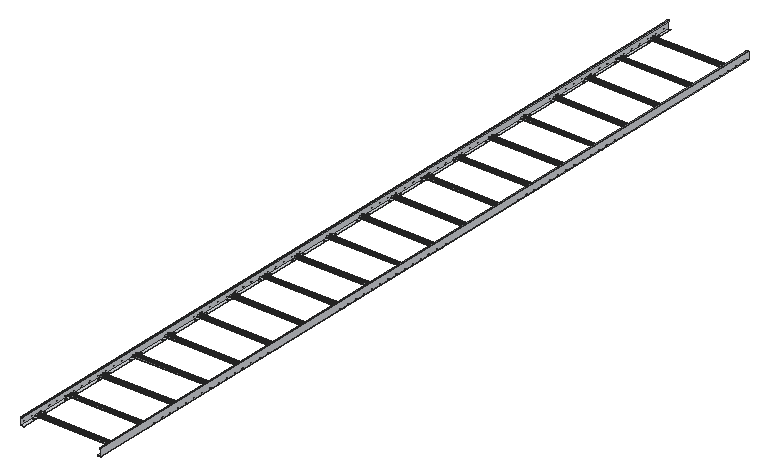
Revit family "Kabelleiter,Sprosse gelocht, geschweißt-LCIS 660 6 FS,FT,A2,A4", category Generic Models, Revit 2017
Family settings
  Can host rebar = No
  Round Connector Dimension = Use Diameter
  Part Type = Normal
  Work Plane-Based = No
  Always vertical = Yes
  Cut with Voids When Loaded = No
  Shared = No
  Room Calculation Point = No
Parameters (values of type "LCIS 660 6 A4")
  Width 1 = Width / 2  # 300 mm
  Width = 600 mm
  URL = "http://www.obo-bettermann.com"
  Material = Stainless steel, A4
  Manufacturer Art.No. = "6207210"
  Manufacturer = "OBO Bettermann"
  Length = 6000 mm
  Height = 60 mm
  GTIN = "4012196432004"
  Cut's space 3 = 20 mm
  Cut's space 2 = 300 mm
  Cut's space = 75 mm
  Cut's number 2 = Length / Cut's space 2  # 20
  Cut's number = Length / Cut's space  # 80
  Article Type = "LCIS 660 6 A4"
Reference planes
  plane 1 "Center (Front/Back)": y = 0
  plane 2: z = 0
  plane 3 "Center (Left/Right)": x = 0
  plane 4: z = 60
  plane 5: z = 51
  plane 6: z = 51
  plane 7: y = 37.5
  plane 8: y = 112.5
  plane 9: z = 14
  plane 10: y = 187.5
  plane 11: z = 16.5
  plane 12: y = 450
  plane 13: y = 100
  plane 14: x = -260
  plane 15: y = 150
  plane 16: y = 150
  plane 17: y = 150
  plane 18: y = 149.975
  plane 19: x = -240
  plane 20: x = -220
  plane 21: x = -200
  plane 22: x = -180
  plane 23: x = -160
  plane 24: x = -140
  plane 25: x = -120
  plane 26: x = -100
  plane 27: x = -80
  plane 28: x = -60
  plane 29: x = -40
  plane 30: x = -20
  plane 31: x = 20
  plane 32: x = 40
  plane 33: x = 60
  plane 34: x = 80
  plane 35: x = 100
  plane 36: x = 120
  plane 37: x = 140
  plane 38: x = 260
  plane 39: y = 149.975
  plane 40: x = 240
  plane 41: x = 220
  plane 42: x = 200
  plane 43: x = 180
  plane 44: x = 160
  plane 45: y = 449.975
  plane 46: x = -240
  plane 47: x = -220
  plane 48: x = -200
  plane 49: x = -180
  plane 50: x = -160
  plane 51: x = -140
  plane 52: x = -120
  plane 53: x = -100
  plane 54: x = -80
  plane 55: x = -60
  plane 56: x = -40
  plane 57: x = -20
  plane 58: x = 20
  plane 59: x = 40
  plane 60: x = 60
  plane 61: x = 80
  plane 62: x = 100
  plane 63: x = 120
  plane 64: x = 140
  plane 65: x = 260
  plane 66: y = 449.975
  plane 67: x = 240
  plane 68: x = 220
  plane 69: x = 200
  plane 70: x = 180
  plane 71: x = 160
  plane 72: y = 749.975
  plane 73: x = -240
  plane 74: x = -220
  plane 75: x = -200
  plane 76: x = -180
  plane 77: x = -160
  plane 78: x = -140
  plane 79: x = -120
  plane 80: x = -100
  plane 81: x = -80
  plane 82: x = -60
  plane 83: x = -40
  plane 84: x = -20
  plane 85: x = 20
  plane 86: x = 40
  plane 87: x = 60
  plane 88: x = 80
  plane 89: x = 100
  plane 90: x = 120
  plane 91: x = 140
  plane 92: x = 260
  plane 93: y = 749.975
  plane 94: x = 240
  plane 95: x = 220
  plane 96: x = 200
  plane 97: x = 180
  plane 98: x = 160
  plane 99: y = 1049.975
  plane 100: x = -240
  plane 101: x = -220
  plane 102: x = -200
  plane 103: x = -180
  plane 104: x = -160
  plane 105: x = -140
  plane 106: x = -120
  plane 107: x = -100
  plane 108: x = -80
  plane 109: x = -60
  plane 110: x = -40
  plane 111: x = -20
  plane 112: x = 20
  plane 113: x = 40
  plane 114: x = 60
  plane 115: x = 80
  plane 116: x = 100
  plane 117: x = 120
  plane 118: x = 140
  plane 119: x = 260
  plane 120: y = 1049.975
  plane 121: x = 240
  plane 122: x = 220
  plane 123: x = 200
  plane 124: x = 180
  plane 125: x = 160
  plane 126: y = 1349.975
  plane 127: x = -240
  plane 128: x = -220
  plane 129: x = -200
  plane 130: x = -180
  plane 131: x = -160
  plane 132: x = -140
  plane 133: x = -120
  plane 134: x = -100
  plane 135: x = -80
  plane 136: x = -60
  plane 137: x = -40
  plane 138: x = -20
  plane 139: x = 20
  plane 140: x = 40
  plane 141: x = 60
  plane 142: x = 80
  plane 143: x = 100
  plane 144: x = 120
  plane 145: x = 140
  plane 146: x = 260
  plane 147: y = 1349.975
  plane 148: x = 240
  plane 149: x = 220
  plane 150: x = 200
  plane 151: x = 180
  plane 152: x = 160
  plane 153: y = 1649.975
  plane 154: x = -240
  plane 155: x = -220
  plane 156: x = -200
  plane 157: x = -180
  plane 158: x = -160
  plane 159: x = -140
  plane 160: x = -120
  plane 161: x = -100
  plane 162: x = -80
  plane 163: x = -60
  plane 164: x = -40
  plane 165: x = -20
  plane 166: x = 20
  plane 167: x = 40
  plane 168: x = 60
  plane 169: x = 80
  plane 170: x = 100
  plane 171: x = 120
  plane 172: x = 140
  plane 173: x = 260
  plane 174: y = 1649.975
  plane 175: x = 240
  plane 176: x = 220
  plane 177: x = 200
  plane 178: x = 180
  plane 179: x = 160
  plane 180: y = 1949.975
  plane 181: x = -240
  plane 182: x = -220
  plane 183: x = -200
  plane 184: x = -180
  plane 185: x = -160
  plane 186: x = -140
  plane 187: x = -120
  plane 188: x = -100
  plane 189: x = -80
  plane 190: x = -60
  plane 191: x = -40
  plane 192: x = -20
  plane 193: x = 20
  plane 194: x = 40
  plane 195: x = 60
  plane 196: x = 80
  plane 197: x = 100
  plane 198: x = 120
  plane 199: x = 140
  plane 200: x = 260
  plane 201: y = 1949.975
  plane 202: x = 240
  plane 203: x = 220
  plane 204: x = 200
  plane 205: x = 180
  plane 206: x = 160
  plane 207: y = 2249.975
  plane 208: x = -240
  plane 209: x = -220
  plane 210: x = -200
  plane 211: x = -180
  plane 212: x = -160
  plane 213: x = -140
  plane 214: x = -120
  plane 215: x = -100
  plane 216: x = -80
  plane 217: x = -60
  plane 218: x = -40
  plane 219: x = -20
  plane 220: x = 20
  plane 221: x = 40
  plane 222: x = 60
  plane 223: x = 80
  plane 224: x = 100
  plane 225: x = 120
  plane 226: x = 140
  plane 227: x = 260
  plane 228: y = 2249.975
  plane 229: x = 240
  plane 230: x = 220
  plane 231: x = 200
  plane 232: x = 180
  plane 233: x = 160
  plane 234: y = 2549.975
  plane 235: x = -240
  plane 236: x = -220
  plane 237: x = -200
  plane 238: x = -180
  plane 239: x = -160
  plane 240: x = -140
  plane 241: x = -120
  plane 242: x = -100
  plane 243: x = -80
  plane 244: x = -60
  plane 245: x = -40
  plane 246: x = -20
  plane 247: x = 20
  plane 248: x = 40
  plane 249: x = 60
  plane 250: x = 80
  plane 251: x = 100
  plane 252: x = 120
  plane 253: x = 140
  plane 254: x = 260
  plane 255: y = 2549.975
  plane 256: x = 240
  plane 257: x = 220
  plane 258: x = 200
  plane 259: x = 180
  plane 260: x = 160
  plane 261: y = 2849.975
  plane 262: x = -240
  plane 263: x = -220
  plane 264: x = -200
  plane 265: x = -180
  plane 266: x = -160
  plane 267: x = -140
  plane 268: x = -120
  plane 269: x = -100
  plane 270: x = -80
  plane 271: x = -60
  plane 272: x = -40
  plane 273: x = -20
  plane 274: x = 20
  plane 275: x = 40
  plane 276: x = 60
  plane 277: x = 80
  plane 278: x = 100
  plane 279: x = 120
  plane 280: x = 140
  plane 281: x = 260
  plane 282: y = 2849.975
  plane 283: x = 240
  plane 284: x = 220
  plane 285: x = 200
  plane 286: x = 180
  plane 287: x = 160
  plane 288: y = 3149.975
  plane 289: x = -240
  plane 290: x = -220
  plane 291: x = -200
  plane 292: x = -180
  plane 293: x = -160
  plane 294: x = -140
  plane 295: x = -120
  plane 296: x = -100
  plane 297: x = -80
  plane 298: x = -60
  plane 299: x = -40
  plane 300: x = -20
  plane 301: x = 20
  plane 302: x = 40
  plane 303: x = 60
  plane 304: x = 80
  plane 305: x = 100
  plane 306: x = 120
  plane 307: x = 140
  plane 308: x = 260
  plane 309: y = 3149.975
  plane 310: x = 240
  plane 311: x = 220
  plane 312: x = 200
  plane 313: x = 180
  plane 314: x = 160
  plane 315: y = 3449.975
  plane 316: x = -240
  plane 317: x = -220
  plane 318: x = -200
  plane 319: x = -180
  plane 320: x = -160
  plane 321: x = -140
  plane 322: x = -120
  plane 323: x = -100
  plane 324: x = -80
  plane 325: x = -60
  plane 326: x = -40
  plane 327: x = -20
  plane 328: x = 20
  plane 329: x = 40
  plane 330: x = 60
  plane 331: x = 80
  plane 332: x = 100
  plane 333: x = 120
  plane 334: x = 140
  plane 335: x = 260
  plane 336: y = 3449.975
  plane 337: x = 240
  plane 338: x = 220
  plane 339: x = 200
  plane 340: x = 180
  plane 341: x = 160
  plane 342: y = 3749.975
  plane 343: x = -240
  plane 344: x = -220
  plane 345: x = -200
  plane 346: x = -180
  plane 347: x = -160
  plane 348: x = -140
  plane 349: x = -120
  plane 350: x = -100
  plane 351: x = -80
  plane 352: x = -60
  plane 353: x = -40
  plane 354: x = -20
  plane 355: x = 20
  plane 356: x = 40
  plane 357: x = 60
  plane 358: x = 80
  plane 359: x = 100
  plane 360: x = 120
  plane 361: x = 140
  plane 362: x = 260
  plane 363: y = 3749.975
  plane 364: x = 240
  plane 365: x = 220
  plane 366: x = 200
  plane 367: x = 180
  plane 368: x = 160
  plane 369: y = 4049.975
  plane 370: x = -240
  plane 371: x = -220
  plane 372: x = -200
  plane 373: x = -180
  plane 374: x = -160
  plane 375: x = -140
  plane 376: x = -120
  plane 377: x = -100
  plane 378: x = -80
  plane 379: x = -60
  plane 380: x = -40
  plane 381: x = -20
  plane 382: x = 20
  plane 383: x = 40
  plane 384: x = 60
  plane 385: x = 80
  plane 386: x = 100
  plane 387: x = 120
  plane 388: x = 140
  plane 389: x = 260
  plane 390: y = 4049.975
  plane 391: x = 240
  plane 392: x = 220
  plane 393: x = 200
  plane 394: x = 180
  plane 395: x = 160
  plane 396: y = 4349.975
  plane 397: x = -240
  plane 398: x = -220
  plane 399: x = -200
  plane 400: x = -180
  plane 401: x = -160
  plane 402: x = -140
  plane 403: x = -120
  plane 404: x = -100
  plane 405: x = -80
  plane 406: x = -60
  plane 407: x = -40
  plane 408: x = -20
  plane 409: x = 20
  plane 410: x = 40
  plane 411: x = 60
  plane 412: x = 80
  plane 413: x = 100
  plane 414: x = 120
  plane 415: x = 140
  plane 416: x = 260
  plane 417: y = 4349.975
  plane 418: x = 240
  plane 419: x = 220
  plane 420: x = 200
  plane 421: x = 180
  plane 422: x = 160
  plane 423: y = 4649.975
  plane 424: x = -240
  plane 425: x = -220
  plane 426: x = -200
  plane 427: x = -180
  plane 428: x = -160
  plane 429: x = -140
  plane 430: x = -120
  plane 431: x = -100
  plane 432: x = -80
  plane 433: x = -60
  plane 434: x = -40
  plane 435: x = -20
  plane 436: x = 20
  plane 437: x = 40
  plane 438: x = 60
  plane 439: x = 80
  plane 440: x = 100
  plane 441: x = 120
  plane 442: x = 140
  plane 443: x = 260
  plane 444: y = 4649.975
  plane 445: x = 240
  plane 446: x = 220
  plane 447: x = 200
  plane 448: x = 180
  plane 449: x = 160
  plane 450: y = 4949.975
  plane 451: x = -240
  plane 452: x = -220
  plane 453: x = -200
  plane 454: x = -180
  plane 455: x = -160
  plane 456: x = -140
  plane 457: x = -120
  plane 458: x = -100
  plane 459: x = -80
  plane 460: x = -60
  plane 461: x = -40
  plane 462: x = -20
  plane 463: x = 20
  plane 464: x = 40
  plane 465: x = 60
  plane 466: x = 80
  plane 467: x = 100
  plane 468: x = 120
  plane 469: x = 140
  plane 470: x = 260
  plane 471: y = 4949.975
  plane 472: x = 240
  plane 473: x = 220
  plane 474: x = 200
  plane 475: x = 180
  plane 476: x = 160
  plane 477: y = 5249.975
  plane 478: x = -240
  plane 479: x = -220
  plane 480: x = -200
  plane 481: x = -180
  plane 482: x = -160
  plane 483: x = -140
  plane 484: x = -120
  plane 485: x = -100
  plane 486: x = -80
  plane 487: x = -60
  plane 488: x = -40
  plane 489: x = -20
  plane 490: x = 20
  plane 491: x = 40
  plane 492: x = 60
  plane 493: x = 80
  plane 494: x = 100
  plane 495: x = 120
  plane 496: x = 140
  plane 497: x = 260
  plane 498: y = 5249.975
  plane 499: x = 240
  plane 500: x = 220
  plane 501: x = 200
  plane 502: x = 180
  plane 503: x = 160
  plane 504: y = 5549.975
  plane 505: x = -240
  plane 506: x = -220
  plane 507: x = -200
  plane 508: x = -180
  plane 509: x = -160
  plane 510: x = -140
  plane 511: x = -120
  plane 512: x = -100
  plane 513: x = -80
  plane 514: x = -60
  plane 515: x = -40
  plane 516: x = -20
  plane 517: x = 20
  plane 518: x = 40
  plane 519: x = 60
  plane 520: x = 80
  plane 521: x = 100
  plane 522: x = 120
  plane 523: x = 140
  plane 524: x = 260
  plane 525: y = 5549.975
  plane 526: x = 240
  plane 527: x = 220
  plane 528: x = 200
  plane 529: x = 180
  plane 530: x = 160
  plane 531: y = 5849.975
  plane 532: x = -240
  plane 533: x = -220
  plane 534: x = -200
  plane 535: x = -180
  plane 536: x = -160
  plane 537: x = -140
  plane 538: x = -120
  plane 539: x = -100
  plane 540: x = -80
  plane 541: x = -60
  plane 542: x = -40
  plane 543: x = -20
  plane 544: x = 20
  plane 545: x = 40
  plane 546: x = 60
  plane 547: x = 80
  plane 548: x = 100
  plane 549: x = 120
  plane 550: x = 140
  plane 551: x = 260
  plane 552: y = 5849.975
  plane 553: x = 240
  plane 554: x = 220
  plane 555: x = 200
  plane 556: x = 180
  plane 557: x = 160
  plane 558: y = 99.975
  plane 559: y = 149.975
  plane 560: y = 199.975
  plane 561: x = -282
  plane 562: x = -282
  plane 563: x = 282
  plane 564: y = 199.975
  plane 565: x = 282
  plane 566: y = 499.975
  plane 567: x = 282
  plane 568: y = 799.975
  plane 569: x = 282
  plane 570: y = 1099.975
  plane 571: x = 282
  plane 572: y = 1399.975
  plane 573: x = 282
  plane 574: y = 1699.975
  plane 575: x = 282
  plane 576: y = 1999.975
  plane 577: x = 282
  plane 578: y = 2299.975
  plane 579: x = 282
  plane 580: y = 2599.975
  plane 581: x = 282
  plane 582: y = 2899.975
  plane 583: x = 282
  plane 584: y = 3199.975
  plane 585: x = 282
  plane 586: y = 3499.975
  plane 587: x = 282
  plane 588: y = 3799.975
  plane 589: x = 282
  plane 590: y = 4099.975
  plane 591: x = 282
  plane 592: y = 4399.975
  plane 593: x = 282
  plane 594: y = 4699.975
  plane 595: x = 282
  plane 596: y = 4999.975
  plane 597: x = 282
  plane 598: y = 5299.975
  plane 599: x = 282
  plane 600: y = 5599.975
  plane 601: x = 282
  plane 602: y = 5899.975
  plane 603: x = 282
Forms (mm)
  Extrusion 1, solid
    sketch origin (0, 0, 0) x (1, 0, 0) y (0, 0, 1)
      loop
        line (-300, 54.001) -> (-300, 2.2)
        arc (-300, 2.2) -> (-299.356, 0.644) -> (-297.8, 0) r 2.2
        line (-297.8, 0) -> (-273, 0) -> (-273, 1.384) -> (-297.5, 1.384)
        arc (-297.5, 1.384) -> (-298.207, 1.677) -> (-298.5, 2.384) r 1
        line (-298.5, 2.384) -> (-298.5, 54.019)
        arc (-298.5, 54.019) -> (-294, 58.519) -> (-289.5, 54.019) r 4.5
        line (-289.5, 54.019) -> (-289.5, 51) -> (-288, 51) -> (-288, 54.001)
        arc (-288, 54.001) -> (-294, 60.001) -> (-300, 54.001) r 6
      loop
        arc (300, 54.006) -> (294, 60.006) -> (288, 54.006) r 6
        line (288, 54.006) -> (288, 51) -> (289.5, 51) -> (289.5, 53.995)
        arc (289.5, 53.995) -> (294, 58.495) -> (298.5, 53.995) r 4.5
        line (298.5, 53.995) -> (298.5, 2.5)
        arc (298.5, 2.5) -> (298.207, 1.793) -> (297.5, 1.5) r 1
        line (297.5, 1.5) -> (273, 1.5) -> (273, 0) -> (297.8, 0)
        arc (297.8, 0) -> (299.356, 0.644) -> (300, 2.2) r 2.2
        line (300, 2.2) -> (300, 54.006)
    from -6000 to 0
  Extrusion 2, void
    sketch origin (0, 0, 0) x (0, 1, 0) y (0, 0, 1)
      loop
        arc (24.5, 18.5) -> (23.793, 18.207) -> (23.5, 17.5) r 1
        line (23.5, 17.5) -> (23.5, 10.5)
        arc (23.5, 10.5) -> (23.793, 9.793) -> (24.5, 9.5) r 1
        line (24.5, 9.5) -> (50.5, 9.5)
        arc (50.5, 9.5) -> (51.207, 9.793) -> (51.5, 10.5) r 1
        line (51.5, 10.5) -> (51.5, 17.5)
        arc (51.5, 17.5) -> (51.207, 18.207) -> (50.5, 18.5) r 1
        line (50.5, 18.5) -> (24.5, 18.5)
    from 298.5 to 300
  Extrusion 3, void
    sketch origin (0, 0, 0) x (0, 1, 0) y (0, 0, -1)
      loop
        line (24.5, -18.5) -> (50.5, -18.5)
        arc (50.5, -18.5) -> (51.207, -18.207) -> (51.5, -17.5) r 1
        line (51.5, -17.5) -> (51.5, -10.5)
        arc (51.5, -10.5) -> (51.207, -9.793) -> (50.5, -9.5) r 1
        line (50.5, -9.5) -> (24.5, -9.5)
        arc (24.5, -9.5) -> (23.793, -9.793) -> (23.5, -10.5) r 1
        line (23.5, -10.5) -> (23.5, -17.5)
        arc (23.5, -17.5) -> (23.793, -18.207) -> (24.5, -18.5) r 1
    from 298.5 to 300
  Extrusion 4, void
    sketch origin (0, 75, 0) x (0, 1, 0) y (0, 0, 1)
      loop
        arc (24.5, 18.5) -> (23.793, 18.207) -> (23.5, 17.5) r 1
        line (23.5, 17.5) -> (23.5, 10.5)
        arc (23.5, 10.5) -> (23.793, 9.793) -> (24.5, 9.5) r 1
        line (24.5, 9.5) -> (50.5, 9.5)
        arc (50.5, 9.5) -> (51.207, 9.793) -> (51.5, 10.5) r 1
        line (51.5, 10.5) -> (51.5, 17.5)
        arc (51.5, 17.5) -> (51.207, 18.207) -> (50.5, 18.5) r 1
        line (50.5, 18.5) -> (24.5, 18.5)
    from 298.5 to 300
  Extrusion 5, void
    sketch origin (0, 150, 0) x (0, 1, 0) y (0, 0, 1)
      loop
        arc (24.5, 18.5) -> (23.793, 18.207) -> (23.5, 17.5) r 1
        line (23.5, 17.5) -> (23.5, 10.5)
        arc (23.5, 10.5) -> (23.793, 9.793) -> (24.5, 9.5) r 1
        line (24.5, 9.5) -> (50.5, 9.5)
        arc (50.5, 9.5) -> (51.207, 9.793) -> (51.5, 10.5) r 1
        line (51.5, 10.5) -> (51.5, 17.5)
        arc (51.5, 17.5) -> (51.207, 18.207) -> (50.5, 18.5) r 1
        line (50.5, 18.5) -> (24.5, 18.5)
    from 298.5 to 300
  Extrusion 6, void
    sketch origin (0, 225, 0) x (0, 1, 0) y (0, 0, 1)
      loop
        arc (24.5, 18.5) -> (23.793, 18.207) -> (23.5, 17.5) r 1
        line (23.5, 17.5) -> (23.5, 10.5)
        arc (23.5, 10.5) -> (23.793, 9.793) -> (24.5, 9.5) r 1
        line (24.5, 9.5) -> (50.5, 9.5)
        arc (50.5, 9.5) -> (51.207, 9.793) -> (51.5, 10.5) r 1
        line (51.5, 10.5) -> (51.5, 17.5)
        arc (51.5, 17.5) -> (51.207, 18.207) -> (50.5, 18.5) r 1
        line (50.5, 18.5) -> (24.5, 18.5)
    from 298.5 to 300
  Extrusion 7, void
    sketch origin (0, 300, 0) x (0, 1, 0) y (0, 0, 1)
      loop
        arc (24.5, 18.5) -> (23.793, 18.207) -> (23.5, 17.5) r 1
        line (23.5, 17.5) -> (23.5, 10.5)
        arc (23.5, 10.5) -> (23.793, 9.793) -> (24.5, 9.5) r 1
        line (24.5, 9.5) -> (50.5, 9.5)
        arc (50.5, 9.5) -> (51.207, 9.793) -> (51.5, 10.5) r 1
        line (51.5, 10.5) -> (51.5, 17.5)
        arc (51.5, 17.5) -> (51.207, 18.207) -> (50.5, 18.5) r 1
        line (50.5, 18.5) -> (24.5, 18.5)
    from 298.5 to 300
  Extrusion 8, void
    sketch origin (0, 375, 0) x (0, 1, 0) y (0, 0, 1)
      loop
        arc (24.5, 18.5) -> (23.793, 18.207) -> (23.5, 17.5) r 1
        line (23.5, 17.5) -> (23.5, 10.5)
        arc (23.5, 10.5) -> (23.793, 9.793) -> (24.5, 9.5) r 1
        line (24.5, 9.5) -> (50.5, 9.5)
        arc (50.5, 9.5) -> (51.207, 9.793) -> (51.5, 10.5) r 1
        line (51.5, 10.5) -> (51.5, 17.5)
        arc (51.5, 17.5) -> (51.207, 18.207) -> (50.5, 18.5) r 1
        line (50.5, 18.5) -> (24.5, 18.5)
    from 298.5 to 300
  Extrusion 9, void
    sketch origin (0, 450, 0) x (0, 1, 0) y (0, 0, 1)
      loop
        arc (24.5, 18.5) -> (23.793, 18.207) -> (23.5, 17.5) r 1
        line (23.5, 17.5) -> (23.5, 10.5)
        arc (23.5, 10.5) -> (23.793, 9.793) -> (24.5, 9.5) r 1
        line (24.5, 9.5) -> (50.5, 9.5)
        arc (50.5, 9.5) -> (51.207, 9.793) -> (51.5, 10.5) r 1
        line (51.5, 10.5) -> (51.5, 17.5)
        arc (51.5, 17.5) -> (51.207, 18.207) -> (50.5, 18.5) r 1
        line (50.5, 18.5) -> (24.5, 18.5)
    from 298.5 to 300
  Extrusion 10, void
    sketch origin (0, 525, 0) x (0, 1, 0) y (0, 0, 1)
      loop
        arc (24.5, 18.5) -> (23.793, 18.207) -> (23.5, 17.5) r 1
        line (23.5, 17.5) -> (23.5, 10.5)
        arc (23.5, 10.5) -> (23.793, 9.793) -> (24.5, 9.5) r 1
        line (24.5, 9.5) -> (50.5, 9.5)
        arc (50.5, 9.5) -> (51.207, 9.793) -> (51.5, 10.5) r 1
        line (51.5, 10.5) -> (51.5, 17.5)
        arc (51.5, 17.5) -> (51.207, 18.207) -> (50.5, 18.5) r 1
        line (50.5, 18.5) -> (24.5, 18.5)
    from 298.5 to 300
  Extrusion 11, void
    sketch origin (0, 600, 0) x (0, 1, 0) y (0, 0, 1)
      loop
        arc (24.5, 18.5) -> (23.793, 18.207) -> (23.5, 17.5) r 1
        line (23.5, 17.5) -> (23.5, 10.5)
        arc (23.5, 10.5) -> (23.793, 9.793) -> (24.5, 9.5) r 1
        line (24.5, 9.5) -> (50.5, 9.5)
        arc (50.5, 9.5) -> (51.207, 9.793) -> (51.5, 10.5) r 1
        line (51.5, 10.5) -> (51.5, 17.5)
        arc (51.5, 17.5) -> (51.207, 18.207) -> (50.5, 18.5) r 1
        line (50.5, 18.5) -> (24.5, 18.5)
    from 298.5 to 300
  Extrusion 12, void
    sketch origin (0, 675, 0) x (0, 1, 0) y (0, 0, 1)
      loop
        arc (24.5, 18.5) -> (23.793, 18.207) -> (23.5, 17.5) r 1
        line (23.5, 17.5) -> (23.5, 10.5)
        arc (23.5, 10.5) -> (23.793, 9.793) -> (24.5, 9.5) r 1
        line (24.5, 9.5) -> (50.5, 9.5)
        arc (50.5, 9.5) -> (51.207, 9.793) -> (51.5, 10.5) r 1
        line (51.5, 10.5) -> (51.5, 17.5)
        arc (51.5, 17.5) -> (51.207, 18.207) -> (50.5, 18.5) r 1
        line (50.5, 18.5) -> (24.5, 18.5)
    from 298.5 to 300
  Extrusion 13, void
    sketch origin (0, 750, 0) x (0, 1, 0) y (0, 0, 1)
      loop
        arc (24.5, 18.5) -> (23.793, 18.207) -> (23.5, 17.5) r 1
        line (23.5, 17.5) -> (23.5, 10.5)
        arc (23.5, 10.5) -> (23.793, 9.793) -> (24.5, 9.5) r 1
        line (24.5, 9.5) -> (50.5, 9.5)
        arc (50.5, 9.5) -> (51.207, 9.793) -> (51.5, 10.5) r 1
        line (51.5, 10.5) -> (51.5, 17.5)
        arc (51.5, 17.5) -> (51.207, 18.207) -> (50.5, 18.5) r 1
        line (50.5, 18.5) -> (24.5, 18.5)
    from 298.5 to 300
  Extrusion 14, void
    sketch origin (0, 825, 0) x (0, 1, 0) y (0, 0, 1)
      loop
        arc (24.5, 18.5) -> (23.793, 18.207) -> (23.5, 17.5) r 1
        line (23.5, 17.5) -> (23.5, 10.5)
        arc (23.5, 10.5) -> (23.793, 9.793) -> (24.5, 9.5) r 1
        line (24.5, 9.5) -> (50.5, 9.5)
        arc (50.5, 9.5) -> (51.207, 9.793) -> (51.5, 10.5) r 1
        line (51.5, 10.5) -> (51.5, 17.5)
        arc (51.5, 17.5) -> (51.207, 18.207) -> (50.5, 18.5) r 1
        line (50.5, 18.5) -> (24.5, 18.5)
    from 298.5 to 300
  Extrusion 15, void
    sketch origin (0, 900, 0) x (0, 1, 0) y (0, 0, 1)
      loop
        arc (24.5, 18.5) -> (23.793, 18.207) -> (23.5, 17.5) r 1
        line (23.5, 17.5) -> (23.5, 10.5)
        arc (23.5, 10.5) -> (23.793, 9.793) -> (24.5, 9.5) r 1
        line (24.5, 9.5) -> (50.5, 9.5)
        arc (50.5, 9.5) -> (51.207, 9.793) -> (51.5, 10.5) r 1
        line (51.5, 10.5) -> (51.5, 17.5)
        arc (51.5, 17.5) -> (51.207, 18.207) -> (50.5, 18.5) r 1
        line (50.5, 18.5) -> (24.5, 18.5)
    from 298.5 to 300
  Extrusion 16, void
    sketch origin (0, 975, 0) x (0, 1, 0) y (0, 0, 1)
      loop
        arc (24.5, 18.5) -> (23.793, 18.207) -> (23.5, 17.5) r 1
        line (23.5, 17.5) -> (23.5, 10.5)
        arc (23.5, 10.5) -> (23.793, 9.793) -> (24.5, 9.5) r 1
        line (24.5, 9.5) -> (50.5, 9.5)
        arc (50.5, 9.5) -> (51.207, 9.793) -> (51.5, 10.5) r 1
        line (51.5, 10.5) -> (51.5, 17.5)
        arc (51.5, 17.5) -> (51.207, 18.207) -> (50.5, 18.5) r 1
        line (50.5, 18.5) -> (24.5, 18.5)
    from 298.5 to 300
  Extrusion 17, void
    sketch origin (0, 1050, 0) x (0, 1, 0) y (0, 0, 1)
      loop
        arc (24.5, 18.5) -> (23.793, 18.207) -> (23.5, 17.5) r 1
        line (23.5, 17.5) -> (23.5, 10.5)
        arc (23.5, 10.5) -> (23.793, 9.793) -> (24.5, 9.5) r 1
        line (24.5, 9.5) -> (50.5, 9.5)
        arc (50.5, 9.5) -> (51.207, 9.793) -> (51.5, 10.5) r 1
        line (51.5, 10.5) -> (51.5, 17.5)
        arc (51.5, 17.5) -> (51.207, 18.207) -> (50.5, 18.5) r 1
        line (50.5, 18.5) -> (24.5, 18.5)
    from 298.5 to 300
  Extrusion 18, void
    sketch origin (0, 1125, 0) x (0, 1, 0) y (0, 0, 1)
      loop
        arc (24.5, 18.5) -> (23.793, 18.207) -> (23.5, 17.5) r 1
        line (23.5, 17.5) -> (23.5, 10.5)
        arc (23.5, 10.5) -> (23.793, 9.793) -> (24.5, 9.5) r 1
        line (24.5, 9.5) -> (50.5, 9.5)
        arc (50.5, 9.5) -> (51.207, 9.793) -> (51.5, 10.5) r 1
        line (51.5, 10.5) -> (51.5, 17.5)
        arc (51.5, 17.5) -> (51.207, 18.207) -> (50.5, 18.5) r 1
        line (50.5, 18.5) -> (24.5, 18.5)
    from 298.5 to 300
  Extrusion 19, void
    sketch origin (0, 1200, 0) x (0, 1, 0) y (0, 0, 1)
      loop
        arc (24.5, 18.5) -> (23.793, 18.207) -> (23.5, 17.5) r 1
        line (23.5, 17.5) -> (23.5, 10.5)
        arc (23.5, 10.5) -> (23.793, 9.793) -> (24.5, 9.5) r 1
        line (24.5, 9.5) -> (50.5, 9.5)
        arc (50.5, 9.5) -> (51.207, 9.793) -> (51.5, 10.5) r 1
        line (51.5, 10.5) -> (51.5, 17.5)
        arc (51.5, 17.5) -> (51.207, 18.207) -> (50.5, 18.5) r 1
        line (50.5, 18.5) -> (24.5, 18.5)
    from 298.5 to 300
  Extrusion 20, void
    sketch origin (0, 1275, 0) x (0, 1, 0) y (0, 0, 1)
      loop
        arc (24.5, 18.5) -> (23.793, 18.207) -> (23.5, 17.5) r 1
        line (23.5, 17.5) -> (23.5, 10.5)
        arc (23.5, 10.5) -> (23.793, 9.793) -> (24.5, 9.5) r 1
        line (24.5, 9.5) -> (50.5, 9.5)
        arc (50.5, 9.5) -> (51.207, 9.793) -> (51.5, 10.5) r 1
        line (51.5, 10.5) -> (51.5, 17.5)
        arc (51.5, 17.5) -> (51.207, 18.207) -> (50.5, 18.5) r 1
        line (50.5, 18.5) -> (24.5, 18.5)
    from 298.5 to 300
  Extrusion 21, void
    sketch origin (0, 1350, 0) x (0, 1, 0) y (0, 0, 1)
      loop
        arc (24.5, 18.5) -> (23.793, 18.207) -> (23.5, 17.5) r 1
        line (23.5, 17.5) -> (23.5, 10.5)
        arc (23.5, 10.5) -> (23.793, 9.793) -> (24.5, 9.5) r 1
        line (24.5, 9.5) -> (50.5, 9.5)
        arc (50.5, 9.5) -> (51.207, 9.793) -> (51.5, 10.5) r 1
        line (51.5, 10.5) -> (51.5, 17.5)
        arc (51.5, 17.5) -> (51.207, 18.207) -> (50.5, 18.5) r 1
        line (50.5, 18.5) -> (24.5, 18.5)
    from 298.5 to 300
  Extrusion 22, void
    sketch origin (0, 1425, 0) x (0, 1, 0) y (0, 0, 1)
      loop
        arc (24.5, 18.5) -> (23.793, 18.207) -> (23.5, 17.5) r 1
        line (23.5, 17.5) -> (23.5, 10.5)
        arc (23.5, 10.5) -> (23.793, 9.793) -> (24.5, 9.5) r 1
        line (24.5, 9.5) -> (50.5, 9.5)
        arc (50.5, 9.5) -> (51.207, 9.793) -> (51.5, 10.5) r 1
        line (51.5, 10.5) -> (51.5, 17.5)
        arc (51.5, 17.5) -> (51.207, 18.207) -> (50.5, 18.5) r 1
        line (50.5, 18.5) -> (24.5, 18.5)
    from 298.5 to 300
  Extrusion 23, void
    sketch origin (0, 1500, 0) x (0, 1, 0) y (0, 0, 1)
      loop
        arc (24.5, 18.5) -> (23.793, 18.207) -> (23.5, 17.5) r 1
        line (23.5, 17.5) -> (23.5, 10.5)
        arc (23.5, 10.5) -> (23.793, 9.793) -> (24.5, 9.5) r 1
        line (24.5, 9.5) -> (50.5, 9.5)
        arc (50.5, 9.5) -> (51.207, 9.793) -> (51.5, 10.5) r 1
        line (51.5, 10.5) -> (51.5, 17.5)
        arc (51.5, 17.5) -> (51.207, 18.207) -> (50.5, 18.5) r 1
        line (50.5, 18.5) -> (24.5, 18.5)
    from 298.5 to 300
  Extrusion 24, void
    sketch origin (0, 1575, 0) x (0, 1, 0) y (0, 0, 1)
      loop
        arc (24.5, 18.5) -> (23.793, 18.207) -> (23.5, 17.5) r 1
        line (23.5, 17.5) -> (23.5, 10.5)
        arc (23.5, 10.5) -> (23.793, 9.793) -> (24.5, 9.5) r 1
        line (24.5, 9.5) -> (50.5, 9.5)
        arc (50.5, 9.5) -> (51.207, 9.793) -> (51.5, 10.5) r 1
        line (51.5, 10.5) -> (51.5, 17.5)
        arc (51.5, 17.5) -> (51.207, 18.207) -> (50.5, 18.5) r 1
        line (50.5, 18.5) -> (24.5, 18.5)
    from 298.5 to 300
  Extrusion 25, void
    sketch origin (0, 1650, 0) x (0, 1, 0) y (0, 0, 1)
      loop
        arc (24.5, 18.5) -> (23.793, 18.207) -> (23.5, 17.5) r 1
        line (23.5, 17.5) -> (23.5, 10.5)
        arc (23.5, 10.5) -> (23.793, 9.793) -> (24.5, 9.5) r 1
        line (24.5, 9.5) -> (50.5, 9.5)
        arc (50.5, 9.5) -> (51.207, 9.793) -> (51.5, 10.5) r 1
        line (51.5, 10.5) -> (51.5, 17.5)
        arc (51.5, 17.5) -> (51.207, 18.207) -> (50.5, 18.5) r 1
        line (50.5, 18.5) -> (24.5, 18.5)
    from 298.5 to 300
  Extrusion 26, void
    sketch origin (0, 1725, 0) x (0, 1, 0) y (0, 0, 1)
      loop
        arc (24.5, 18.5) -> (23.793, 18.207) -> (23.5, 17.5) r 1
        line (23.5, 17.5) -> (23.5, 10.5)
        arc (23.5, 10.5) -> (23.793, 9.793) -> (24.5, 9.5) r 1
        line (24.5, 9.5) -> (50.5, 9.5)
        arc (50.5, 9.5) -> (51.207, 9.793) -> (51.5, 10.5) r 1
        line (51.5, 10.5) -> (51.5, 17.5)
        arc (51.5, 17.5) -> (51.207, 18.207) -> (50.5, 18.5) r 1
        line (50.5, 18.5) -> (24.5, 18.5)
    from 298.5 to 300
  Extrusion 27, void
    sketch origin (0, 1800, 0) x (0, 1, 0) y (0, 0, 1)
      loop
        arc (24.5, 18.5) -> (23.793, 18.207) -> (23.5, 17.5) r 1
        line (23.5, 17.5) -> (23.5, 10.5)
        arc (23.5, 10.5) -> (23.793, 9.793) -> (24.5, 9.5) r 1
        line (24.5, 9.5) -> (50.5, 9.5)
        arc (50.5, 9.5) -> (51.207, 9.793) -> (51.5, 10.5) r 1
        line (51.5, 10.5) -> (51.5, 17.5)
        arc (51.5, 17.5) -> (51.207, 18.207) -> (50.5, 18.5) r 1
        line (50.5, 18.5) -> (24.5, 18.5)
    from 298.5 to 300
  Extrusion 28, void
    sketch origin (0, 1875, 0) x (0, 1, 0) y (0, 0, 1)
      loop
        arc (24.5, 18.5) -> (23.793, 18.207) -> (23.5, 17.5) r 1
        line (23.5, 17.5) -> (23.5, 10.5)
        arc (23.5, 10.5) -> (23.793, 9.793) -> (24.5, 9.5) r 1
        line (24.5, 9.5) -> (50.5, 9.5)
        arc (50.5, 9.5) -> (51.207, 9.793) -> (51.5, 10.5) r 1
        line (51.5, 10.5) -> (51.5, 17.5)
        arc (51.5, 17.5) -> (51.207, 18.207) -> (50.5, 18.5) r 1
        line (50.5, 18.5) -> (24.5, 18.5)
    from 298.5 to 300
  Extrusion 29, void
    sketch origin (0, 1950, 0) x (0, 1, 0) y (0, 0, 1)
      loop
        arc (24.5, 18.5) -> (23.793, 18.207) -> (23.5, 17.5) r 1
        line (23.5, 17.5) -> (23.5, 10.5)
        arc (23.5, 10.5) -> (23.793, 9.793) -> (24.5, 9.5) r 1
        line (24.5, 9.5) -> (50.5, 9.5)
        arc (50.5, 9.5) -> (51.207, 9.793) -> (51.5, 10.5) r 1
        line (51.5, 10.5) -> (51.5, 17.5)
        arc (51.5, 17.5) -> (51.207, 18.207) -> (50.5, 18.5) r 1
        line (50.5, 18.5) -> (24.5, 18.5)
    from 298.5 to 300
  Extrusion 30, void
    sketch origin (0, 2025, 0) x (0, 1, 0) y (0, 0, 1)
      loop
        arc (24.5, 18.5) -> (23.793, 18.207) -> (23.5, 17.5) r 1
        line (23.5, 17.5) -> (23.5, 10.5)
        arc (23.5, 10.5) -> (23.793, 9.793) -> (24.5, 9.5) r 1
        line (24.5, 9.5) -> (50.5, 9.5)
        arc (50.5, 9.5) -> (51.207, 9.793) -> (51.5, 10.5) r 1
        line (51.5, 10.5) -> (51.5, 17.5)
        arc (51.5, 17.5) -> (51.207, 18.207) -> (50.5, 18.5) r 1
        line (50.5, 18.5) -> (24.5, 18.5)
    from 298.5 to 300
  Extrusion 31, void
    sketch origin (0, 2100, 0) x (0, 1, 0) y (0, 0, 1)
      loop
        arc (24.5, 18.5) -> (23.793, 18.207) -> (23.5, 17.5) r 1
        line (23.5, 17.5) -> (23.5, 10.5)
        arc (23.5, 10.5) -> (23.793, 9.793) -> (24.5, 9.5) r 1
        line (24.5, 9.5) -> (50.5, 9.5)
        arc (50.5, 9.5) -> (51.207, 9.793) -> (51.5, 10.5) r 1
        line (51.5, 10.5) -> (51.5, 17.5)
        arc (51.5, 17.5) -> (51.207, 18.207) -> (50.5, 18.5) r 1
        line (50.5, 18.5) -> (24.5, 18.5)
    from 298.5 to 300
  Extrusion 32, void
    sketch origin (0, 2175, 0) x (0, 1, 0) y (0, 0, 1)
      loop
        arc (24.5, 18.5) -> (23.793, 18.207) -> (23.5, 17.5) r 1
        line (23.5, 17.5) -> (23.5, 10.5)
        arc (23.5, 10.5) -> (23.793, 9.793) -> (24.5, 9.5) r 1
        line (24.5, 9.5) -> (50.5, 9.5)
        arc (50.5, 9.5) -> (51.207, 9.793) -> (51.5, 10.5) r 1
        line (51.5, 10.5) -> (51.5, 17.5)
        arc (51.5, 17.5) -> (51.207, 18.207) -> (50.5, 18.5) r 1
        line (50.5, 18.5) -> (24.5, 18.5)
    from 298.5 to 300
  Extrusion 33, void
    sketch origin (0, 2250, 0) x (0, 1, 0) y (0, 0, 1)
      loop
        arc (24.5, 18.5) -> (23.793, 18.207) -> (23.5, 17.5) r 1
        line (23.5, 17.5) -> (23.5, 10.5)
        arc (23.5, 10.5) -> (23.793, 9.793) -> (24.5, 9.5) r 1
        line (24.5, 9.5) -> (50.5, 9.5)
        arc (50.5, 9.5) -> (51.207, 9.793) -> (51.5, 10.5) r 1
        line (51.5, 10.5) -> (51.5, 17.5)
        arc (51.5, 17.5) -> (51.207, 18.207) -> (50.5, 18.5) r 1
        line (50.5, 18.5) -> (24.5, 18.5)
    from 298.5 to 300
  Extrusion 34, void
    sketch origin (0, 2325, 0) x (0, 1, 0) y (0, 0, 1)
      loop
        arc (24.5, 18.5) -> (23.793, 18.207) -> (23.5, 17.5) r 1
        line (23.5, 17.5) -> (23.5, 10.5)
        arc (23.5, 10.5) -> (23.793, 9.793) -> (24.5, 9.5) r 1
        line (24.5, 9.5) -> (50.5, 9.5)
        arc (50.5, 9.5) -> (51.207, 9.793) -> (51.5, 10.5) r 1
        line (51.5, 10.5) -> (51.5, 17.5)
        arc (51.5, 17.5) -> (51.207, 18.207) -> (50.5, 18.5) r 1
        line (50.5, 18.5) -> (24.5, 18.5)
    from 298.5 to 300
  Extrusion 35, void
    sketch origin (0, 2400, 0) x (0, 1, 0) y (0, 0, 1)
      loop
        arc (24.5, 18.5) -> (23.793, 18.207) -> (23.5, 17.5) r 1
        line (23.5, 17.5) -> (23.5, 10.5)
        arc (23.5, 10.5) -> (23.793, 9.793) -> (24.5, 9.5) r 1
        line (24.5, 9.5) -> (50.5, 9.5)
        arc (50.5, 9.5) -> (51.207, 9.793) -> (51.5, 10.5) r 1
        line (51.5, 10.5) -> (51.5, 17.5)
        arc (51.5, 17.5) -> (51.207, 18.207) -> (50.5, 18.5) r 1
        line (50.5, 18.5) -> (24.5, 18.5)
    from 298.5 to 300
  Extrusion 36, void
    sketch origin (0, 2475, 0) x (0, 1, 0) y (0, 0, 1)
      loop
        arc (24.5, 18.5) -> (23.793, 18.207) -> (23.5, 17.5) r 1
        line (23.5, 17.5) -> (23.5, 10.5)
        arc (23.5, 10.5) -> (23.793, 9.793) -> (24.5, 9.5) r 1
        line (24.5, 9.5) -> (50.5, 9.5)
        arc (50.5, 9.5) -> (51.207, 9.793) -> (51.5, 10.5) r 1
        line (51.5, 10.5) -> (51.5, 17.5)
        arc (51.5, 17.5) -> (51.207, 18.207) -> (50.5, 18.5) r 1
        line (50.5, 18.5) -> (24.5, 18.5)
    from 298.5 to 300
  Extrusion 37, void
    sketch origin (0, 2550, 0) x (0, 1, 0) y (0, 0, 1)
      loop
        arc (24.5, 18.5) -> (23.793, 18.207) -> (23.5, 17.5) r 1
        line (23.5, 17.5) -> (23.5, 10.5)
        arc (23.5, 10.5) -> (23.793, 9.793) -> (24.5, 9.5) r 1
        line (24.5, 9.5) -> (50.5, 9.5)
        arc (50.5, 9.5) -> (51.207, 9.793) -> (51.5, 10.5) r 1
        line (51.5, 10.5) -> (51.5, 17.5)
        arc (51.5, 17.5) -> (51.207, 18.207) -> (50.5, 18.5) r 1
        line (50.5, 18.5) -> (24.5, 18.5)
    from 298.5 to 300
  Extrusion 38, void
    sketch origin (0, 2625, 0) x (0, 1, 0) y (0, 0, 1)
      loop
        arc (24.5, 18.5) -> (23.793, 18.207) -> (23.5, 17.5) r 1
        line (23.5, 17.5) -> (23.5, 10.5)
        arc (23.5, 10.5) -> (23.793, 9.793) -> (24.5, 9.5) r 1
        line (24.5, 9.5) -> (50.5, 9.5)
        arc (50.5, 9.5) -> (51.207, 9.793) -> (51.5, 10.5) r 1
        line (51.5, 10.5) -> (51.5, 17.5)
        arc (51.5, 17.5) -> (51.207, 18.207) -> (50.5, 18.5) r 1
        line (50.5, 18.5) -> (24.5, 18.5)
    from 298.5 to 300
  Extrusion 39, void
    sketch origin (0, 2700, 0) x (0, 1, 0) y (0, 0, 1)
      loop
        arc (24.5, 18.5) -> (23.793, 18.207) -> (23.5, 17.5) r 1
        line (23.5, 17.5) -> (23.5, 10.5)
        arc (23.5, 10.5) -> (23.793, 9.793) -> (24.5, 9.5) r 1
        line (24.5, 9.5) -> (50.5, 9.5)
        arc (50.5, 9.5) -> (51.207, 9.793) -> (51.5, 10.5) r 1
        line (51.5, 10.5) -> (51.5, 17.5)
        arc (51.5, 17.5) -> (51.207, 18.207) -> (50.5, 18.5) r 1
        line (50.5, 18.5) -> (24.5, 18.5)
    from 298.5 to 300
  Extrusion 40, void
    sketch origin (0, 2775, 0) x (0, 1, 0) y (0, 0, 1)
      loop
        arc (24.5, 18.5) -> (23.793, 18.207) -> (23.5, 17.5) r 1
        line (23.5, 17.5) -> (23.5, 10.5)
        arc (23.5, 10.5) -> (23.793, 9.793) -> (24.5, 9.5) r 1
        line (24.5, 9.5) -> (50.5, 9.5)
        arc (50.5, 9.5) -> (51.207, 9.793) -> (51.5, 10.5) r 1
        line (51.5, 10.5) -> (51.5, 17.5)
        arc (51.5, 17.5) -> (51.207, 18.207) -> (50.5, 18.5) r 1
        line (50.5, 18.5) -> (24.5, 18.5)
    from 298.5 to 300
  Extrusion 41, void
    sketch origin (0, 2850, 0) x (0, 1, 0) y (0, 0, 1)
      loop
        arc (24.5, 18.5) -> (23.793, 18.207) -> (23.5, 17.5) r 1
        line (23.5, 17.5) -> (23.5, 10.5)
        arc (23.5, 10.5) -> (23.793, 9.793) -> (24.5, 9.5) r 1
        line (24.5, 9.5) -> (50.5, 9.5)
        arc (50.5, 9.5) -> (51.207, 9.793) -> (51.5, 10.5) r 1
        line (51.5, 10.5) -> (51.5, 17.5)
        arc (51.5, 17.5) -> (51.207, 18.207) -> (50.5, 18.5) r 1
        line (50.5, 18.5) -> (24.5, 18.5)
    from 298.5 to 300
  Extrusion 42, void
    sketch origin (0, 2925, 0) x (0, 1, 0) y (0, 0, 1)
      loop
        arc (24.5, 18.5) -> (23.793, 18.207) -> (23.5, 17.5) r 1
        line (23.5, 17.5) -> (23.5, 10.5)
        arc (23.5, 10.5) -> (23.793, 9.793) -> (24.5, 9.5) r 1
        line (24.5, 9.5) -> (50.5, 9.5)
        arc (50.5, 9.5) -> (51.207, 9.793) -> (51.5, 10.5) r 1
        line (51.5, 10.5) -> (51.5, 17.5)
        arc (51.5, 17.5) -> (51.207, 18.207) -> (50.5, 18.5) r 1
        line (50.5, 18.5) -> (24.5, 18.5)
    from 298.5 to 300
  Extrusion 43, void
    sketch origin (0, 3000, 0) x (0, 1, 0) y (0, 0, 1)
      loop
        arc (24.5, 18.5) -> (23.793, 18.207) -> (23.5, 17.5) r 1
        line (23.5, 17.5) -> (23.5, 10.5)
        arc (23.5, 10.5) -> (23.793, 9.793) -> (24.5, 9.5) r 1
        line (24.5, 9.5) -> (50.5, 9.5)
        arc (50.5, 9.5) -> (51.207, 9.793) -> (51.5, 10.5) r 1
        line (51.5, 10.5) -> (51.5, 17.5)
        arc (51.5, 17.5) -> (51.207, 18.207) -> (50.5, 18.5) r 1
        line (50.5, 18.5) -> (24.5, 18.5)
    from 298.5 to 300
  Extrusion 44, void
    sketch origin (0, 3075, 0) x (0, 1, 0) y (0, 0, 1)
      loop
        arc (24.5, 18.5) -> (23.793, 18.207) -> (23.5, 17.5) r 1
        line (23.5, 17.5) -> (23.5, 10.5)
        arc (23.5, 10.5) -> (23.793, 9.793) -> (24.5, 9.5) r 1
        line (24.5, 9.5) -> (50.5, 9.5)
        arc (50.5, 9.5) -> (51.207, 9.793) -> (51.5, 10.5) r 1
        line (51.5, 10.5) -> (51.5, 17.5)
        arc (51.5, 17.5) -> (51.207, 18.207) -> (50.5, 18.5) r 1
        line (50.5, 18.5) -> (24.5, 18.5)
    from 298.5 to 300
  Extrusion 45, void
    sketch origin (0, 3150, 0) x (0, 1, 0) y (0, 0, 1)
      loop
        arc (24.5, 18.5) -> (23.793, 18.207) -> (23.5, 17.5) r 1
        line (23.5, 17.5) -> (23.5, 10.5)
        arc (23.5, 10.5) -> (23.793, 9.793) -> (24.5, 9.5) r 1
        line (24.5, 9.5) -> (50.5, 9.5)
        arc (50.5, 9.5) -> (51.207, 9.793) -> (51.5, 10.5) r 1
        line (51.5, 10.5) -> (51.5, 17.5)
        arc (51.5, 17.5) -> (51.207, 18.207) -> (50.5, 18.5) r 1
        line (50.5, 18.5) -> (24.5, 18.5)
    from 298.5 to 300
  Extrusion 46, void
    sketch origin (0, 3225, 0) x (0, 1, 0) y (0, 0, 1)
      loop
        arc (24.5, 18.5) -> (23.793, 18.207) -> (23.5, 17.5) r 1
        line (23.5, 17.5) -> (23.5, 10.5)
        arc (23.5, 10.5) -> (23.793, 9.793) -> (24.5, 9.5) r 1
        line (24.5, 9.5) -> (50.5, 9.5)
        arc (50.5, 9.5) -> (51.207, 9.793) -> (51.5, 10.5) r 1
        line (51.5, 10.5) -> (51.5, 17.5)
        arc (51.5, 17.5) -> (51.207, 18.207) -> (50.5, 18.5) r 1
        line (50.5, 18.5) -> (24.5, 18.5)
    from 298.5 to 300
  Extrusion 47, void
    sketch origin (0, 3300, 0) x (0, 1, 0) y (0, 0, 1)
      loop
        arc (24.5, 18.5) -> (23.793, 18.207) -> (23.5, 17.5) r 1
        line (23.5, 17.5) -> (23.5, 10.5)
        arc (23.5, 10.5) -> (23.793, 9.793) -> (24.5, 9.5) r 1
        line (24.5, 9.5) -> (50.5, 9.5)
        arc (50.5, 9.5) -> (51.207, 9.793) -> (51.5, 10.5) r 1
        line (51.5, 10.5) -> (51.5, 17.5)
        arc (51.5, 17.5) -> (51.207, 18.207) -> (50.5, 18.5) r 1
        line (50.5, 18.5) -> (24.5, 18.5)
    from 298.5 to 300
  Extrusion 48, void
    sketch origin (0, 3375, 0) x (0, 1, 0) y (0, 0, 1)
      loop
        arc (24.5, 18.5) -> (23.793, 18.207) -> (23.5, 17.5) r 1
        line (23.5, 17.5) -> (23.5, 10.5)
        arc (23.5, 10.5) -> (23.793, 9.793) -> (24.5, 9.5) r 1
        line (24.5, 9.5) -> (50.5, 9.5)
        arc (50.5, 9.5) -> (51.207, 9.793) -> (51.5, 10.5) r 1
        line (51.5, 10.5) -> (51.5, 17.5)
        arc (51.5, 17.5) -> (51.207, 18.207) -> (50.5, 18.5) r 1
        line (50.5, 18.5) -> (24.5, 18.5)
    from 298.5 to 300
  Extrusion 49, void
    sketch origin (0, 3450, 0) x (0, 1, 0) y (0, 0, 1)
      loop
        arc (24.5, 18.5) -> (23.793, 18.207) -> (23.5, 17.5) r 1
        line (23.5, 17.5) -> (23.5, 10.5)
        arc (23.5, 10.5) -> (23.793, 9.793) -> (24.5, 9.5) r 1
        line (24.5, 9.5) -> (50.5, 9.5)
        arc (50.5, 9.5) -> (51.207, 9.793) -> (51.5, 10.5) r 1
        line (51.5, 10.5) -> (51.5, 17.5)
        arc (51.5, 17.5) -> (51.207, 18.207) -> (50.5, 18.5) r 1
        line (50.5, 18.5) -> (24.5, 18.5)
    from 298.5 to 300
  Extrusion 50, void
    sketch origin (0, 3525, 0) x (0, 1, 0) y (0, 0, 1)
      loop
        arc (24.5, 18.5) -> (23.793, 18.207) -> (23.5, 17.5) r 1
        line (23.5, 17.5) -> (23.5, 10.5)
        arc (23.5, 10.5) -> (23.793, 9.793) -> (24.5, 9.5) r 1
        line (24.5, 9.5) -> (50.5, 9.5)
        arc (50.5, 9.5) -> (51.207, 9.793) -> (51.5, 10.5) r 1
        line (51.5, 10.5) -> (51.5, 17.5)
        arc (51.5, 17.5) -> (51.207, 18.207) -> (50.5, 18.5) r 1
        line (50.5, 18.5) -> (24.5, 18.5)
    from 298.5 to 300
  Extrusion 51, void
    sketch origin (0, 3600, 0) x (0, 1, 0) y (0, 0, 1)
      loop
        arc (24.5, 18.5) -> (23.793, 18.207) -> (23.5, 17.5) r 1
        line (23.5, 17.5) -> (23.5, 10.5)
        arc (23.5, 10.5) -> (23.793, 9.793) -> (24.5, 9.5) r 1
        line (24.5, 9.5) -> (50.5, 9.5)
        arc (50.5, 9.5) -> (51.207, 9.793) -> (51.5, 10.5) r 1
        line (51.5, 10.5) -> (51.5, 17.5)
        arc (51.5, 17.5) -> (51.207, 18.207) -> (50.5, 18.5) r 1
        line (50.5, 18.5) -> (24.5, 18.5)
    from 298.5 to 300
  Extrusion 52, void
    sketch origin (0, 3675, 0) x (0, 1, 0) y (0, 0, 1)
      loop
        arc (24.5, 18.5) -> (23.793, 18.207) -> (23.5, 17.5) r 1
        line (23.5, 17.5) -> (23.5, 10.5)
        arc (23.5, 10.5) -> (23.793, 9.793) -> (24.5, 9.5) r 1
        line (24.5, 9.5) -> (50.5, 9.5)
        arc (50.5, 9.5) -> (51.207, 9.793) -> (51.5, 10.5) r 1
        line (51.5, 10.5) -> (51.5, 17.5)
        arc (51.5, 17.5) -> (51.207, 18.207) -> (50.5, 18.5) r 1
        line (50.5, 18.5) -> (24.5, 18.5)
    from 298.5 to 300
  Extrusion 53, void
    sketch origin (0, 3750, 0) x (0, 1, 0) y (0, 0, 1)
      loop
        arc (24.5, 18.5) -> (23.793, 18.207) -> (23.5, 17.5) r 1
        line (23.5, 17.5) -> (23.5, 10.5)
        arc (23.5, 10.5) -> (23.793, 9.793) -> (24.5, 9.5) r 1
        line (24.5, 9.5) -> (50.5, 9.5)
        arc (50.5, 9.5) -> (51.207, 9.793) -> (51.5, 10.5) r 1
        line (51.5, 10.5) -> (51.5, 17.5)
        arc (51.5, 17.5) -> (51.207, 18.207) -> (50.5, 18.5) r 1
        line (50.5, 18.5) -> (24.5, 18.5)
    from 298.5 to 300
  Extrusion 54, void
    sketch origin (0, 3825, 0) x (0, 1, 0) y (0, 0, 1)
      loop
        arc (24.5, 18.5) -> (23.793, 18.207) -> (23.5, 17.5) r 1
        line (23.5, 17.5) -> (23.5, 10.5)
        arc (23.5, 10.5) -> (23.793, 9.793) -> (24.5, 9.5) r 1
        line (24.5, 9.5) -> (50.5, 9.5)
        arc (50.5, 9.5) -> (51.207, 9.793) -> (51.5, 10.5) r 1
        line (51.5, 10.5) -> (51.5, 17.5)
        arc (51.5, 17.5) -> (51.207, 18.207) -> (50.5, 18.5) r 1
        line (50.5, 18.5) -> (24.5, 18.5)
    from 298.5 to 300
  Extrusion 55, void
    sketch origin (0, 3900, 0) x (0, 1, 0) y (0, 0, 1)
      loop
        arc (24.5, 18.5) -> (23.793, 18.207) -> (23.5, 17.5) r 1
        line (23.5, 17.5) -> (23.5, 10.5)
        arc (23.5, 10.5) -> (23.793, 9.793) -> (24.5, 9.5) r 1
        line (24.5, 9.5) -> (50.5, 9.5)
        arc (50.5, 9.5) -> (51.207, 9.793) -> (51.5, 10.5) r 1
        line (51.5, 10.5) -> (51.5, 17.5)
        arc (51.5, 17.5) -> (51.207, 18.207) -> (50.5, 18.5) r 1
        line (50.5, 18.5) -> (24.5, 18.5)
    from 298.5 to 300
  Extrusion 56, void
    sketch origin (0, 3975, 0) x (0, 1, 0) y (0, 0, 1)
      loop
        arc (24.5, 18.5) -> (23.793, 18.207) -> (23.5, 17.5) r 1
        line (23.5, 17.5) -> (23.5, 10.5)
        arc (23.5, 10.5) -> (23.793, 9.793) -> (24.5, 9.5) r 1
        line (24.5, 9.5) -> (50.5, 9.5)
        arc (50.5, 9.5) -> (51.207, 9.793) -> (51.5, 10.5) r 1
        line (51.5, 10.5) -> (51.5, 17.5)
        arc (51.5, 17.5) -> (51.207, 18.207) -> (50.5, 18.5) r 1
        line (50.5, 18.5) -> (24.5, 18.5)
    from 298.5 to 300
  Extrusion 57, void
    sketch origin (0, 4050, 0) x (0, 1, 0) y (0, 0, 1)
      loop
        arc (24.5, 18.5) -> (23.793, 18.207) -> (23.5, 17.5) r 1
        line (23.5, 17.5) -> (23.5, 10.5)
        arc (23.5, 10.5) -> (23.793, 9.793) -> (24.5, 9.5) r 1
        line (24.5, 9.5) -> (50.5, 9.5)
        arc (50.5, 9.5) -> (51.207, 9.793) -> (51.5, 10.5) r 1
        line (51.5, 10.5) -> (51.5, 17.5)
        arc (51.5, 17.5) -> (51.207, 18.207) -> (50.5, 18.5) r 1
        line (50.5, 18.5) -> (24.5, 18.5)
    from 298.5 to 300
  Extrusion 58, void
    sketch origin (0, 4125, 0) x (0, 1, 0) y (0, 0, 1)
      loop
        arc (24.5, 18.5) -> (23.793, 18.207) -> (23.5, 17.5) r 1
        line (23.5, 17.5) -> (23.5, 10.5)
        arc (23.5, 10.5) -> (23.793, 9.793) -> (24.5, 9.5) r 1
        line (24.5, 9.5) -> (50.5, 9.5)
        arc (50.5, 9.5) -> (51.207, 9.793) -> (51.5, 10.5) r 1
        line (51.5, 10.5) -> (51.5, 17.5)
        arc (51.5, 17.5) -> (51.207, 18.207) -> (50.5, 18.5) r 1
        line (50.5, 18.5) -> (24.5, 18.5)
    from 298.5 to 300
  Extrusion 59, void
    sketch origin (0, 4200, 0) x (0, 1, 0) y (0, 0, 1)
      loop
        arc (24.5, 18.5) -> (23.793, 18.207) -> (23.5, 17.5) r 1
        line (23.5, 17.5) -> (23.5, 10.5)
        arc (23.5, 10.5) -> (23.793, 9.793) -> (24.5, 9.5) r 1
        line (24.5, 9.5) -> (50.5, 9.5)
        arc (50.5, 9.5) -> (51.207, 9.793) -> (51.5, 10.5) r 1
        line (51.5, 10.5) -> (51.5, 17.5)
        arc (51.5, 17.5) -> (51.207, 18.207) -> (50.5, 18.5) r 1
        line (50.5, 18.5) -> (24.5, 18.5)
    from 298.5 to 300
  Extrusion 60, void
    sketch origin (0, 4275, 0) x (0, 1, 0) y (0, 0, 1)
      loop
        arc (24.5, 18.5) -> (23.793, 18.207) -> (23.5, 17.5) r 1
        line (23.5, 17.5) -> (23.5, 10.5)
        arc (23.5, 10.5) -> (23.793, 9.793) -> (24.5, 9.5) r 1
        line (24.5, 9.5) -> (50.5, 9.5)
        arc (50.5, 9.5) -> (51.207, 9.793) -> (51.5, 10.5) r 1
        line (51.5, 10.5) -> (51.5, 17.5)
        arc (51.5, 17.5) -> (51.207, 18.207) -> (50.5, 18.5) r 1
        line (50.5, 18.5) -> (24.5, 18.5)
    from 298.5 to 300
  Extrusion 61, void
    sketch origin (0, 4350, 0) x (0, 1, 0) y (0, 0, 1)
      loop
        arc (24.5, 18.5) -> (23.793, 18.207) -> (23.5, 17.5) r 1
        line (23.5, 17.5) -> (23.5, 10.5)
        arc (23.5, 10.5) -> (23.793, 9.793) -> (24.5, 9.5) r 1
        line (24.5, 9.5) -> (50.5, 9.5)
        arc (50.5, 9.5) -> (51.207, 9.793) -> (51.5, 10.5) r 1
        line (51.5, 10.5) -> (51.5, 17.5)
        arc (51.5, 17.5) -> (51.207, 18.207) -> (50.5, 18.5) r 1
        line (50.5, 18.5) -> (24.5, 18.5)
    from 298.5 to 300
  Extrusion 62, void
    sketch origin (0, 4425, 0) x (0, 1, 0) y (0, 0, 1)
      loop
        arc (24.5, 18.5) -> (23.793, 18.207) -> (23.5, 17.5) r 1
        line (23.5, 17.5) -> (23.5, 10.5)
        arc (23.5, 10.5) -> (23.793, 9.793) -> (24.5, 9.5) r 1
        line (24.5, 9.5) -> (50.5, 9.5)
        arc (50.5, 9.5) -> (51.207, 9.793) -> (51.5, 10.5) r 1
        line (51.5, 10.5) -> (51.5, 17.5)
        arc (51.5, 17.5) -> (51.207, 18.207) -> (50.5, 18.5) r 1
        line (50.5, 18.5) -> (24.5, 18.5)
    from 298.5 to 300
  Extrusion 63, void
    sketch origin (0, 4500, 0) x (0, 1, 0) y (0, 0, 1)
      loop
        arc (24.5, 18.5) -> (23.793, 18.207) -> (23.5, 17.5) r 1
        line (23.5, 17.5) -> (23.5, 10.5)
        arc (23.5, 10.5) -> (23.793, 9.793) -> (24.5, 9.5) r 1
        line (24.5, 9.5) -> (50.5, 9.5)
        arc (50.5, 9.5) -> (51.207, 9.793) -> (51.5, 10.5) r 1
        line (51.5, 10.5) -> (51.5, 17.5)
        arc (51.5, 17.5) -> (51.207, 18.207) -> (50.5, 18.5) r 1
        line (50.5, 18.5) -> (24.5, 18.5)
    from 298.5 to 300
  Extrusion 64, void
    sketch origin (0, 4575, 0) x (0, 1, 0) y (0, 0, 1)
      loop
        arc (24.5, 18.5) -> (23.793, 18.207) -> (23.5, 17.5) r 1
        line (23.5, 17.5) -> (23.5, 10.5)
        arc (23.5, 10.5) -> (23.793, 9.793) -> (24.5, 9.5) r 1
        line (24.5, 9.5) -> (50.5, 9.5)
        arc (50.5, 9.5) -> (51.207, 9.793) -> (51.5, 10.5) r 1
        line (51.5, 10.5) -> (51.5, 17.5)
        arc (51.5, 17.5) -> (51.207, 18.207) -> (50.5, 18.5) r 1
        line (50.5, 18.5) -> (24.5, 18.5)
    from 298.5 to 300
  Extrusion 65, void
    sketch origin (0, 4650, 0) x (0, 1, 0) y (0, 0, 1)
      loop
        arc (24.5, 18.5) -> (23.793, 18.207) -> (23.5, 17.5) r 1
        line (23.5, 17.5) -> (23.5, 10.5)
        arc (23.5, 10.5) -> (23.793, 9.793) -> (24.5, 9.5) r 1
        line (24.5, 9.5) -> (50.5, 9.5)
        arc (50.5, 9.5) -> (51.207, 9.793) -> (51.5, 10.5) r 1
        line (51.5, 10.5) -> (51.5, 17.5)
        arc (51.5, 17.5) -> (51.207, 18.207) -> (50.5, 18.5) r 1
        line (50.5, 18.5) -> (24.5, 18.5)
    from 298.5 to 300
  Extrusion 66, void
    sketch origin (0, 4725, 0) x (0, 1, 0) y (0, 0, 1)
      loop
        arc (24.5, 18.5) -> (23.793, 18.207) -> (23.5, 17.5) r 1
        line (23.5, 17.5) -> (23.5, 10.5)
        arc (23.5, 10.5) -> (23.793, 9.793) -> (24.5, 9.5) r 1
        line (24.5, 9.5) -> (50.5, 9.5)
        arc (50.5, 9.5) -> (51.207, 9.793) -> (51.5, 10.5) r 1
        line (51.5, 10.5) -> (51.5, 17.5)
        arc (51.5, 17.5) -> (51.207, 18.207) -> (50.5, 18.5) r 1
        line (50.5, 18.5) -> (24.5, 18.5)
    from 298.5 to 300
  Extrusion 67, void
    sketch origin (0, 4800, 0) x (0, 1, 0) y (0, 0, 1)
      loop
        arc (24.5, 18.5) -> (23.793, 18.207) -> (23.5, 17.5) r 1
        line (23.5, 17.5) -> (23.5, 10.5)
        arc (23.5, 10.5) -> (23.793, 9.793) -> (24.5, 9.5) r 1
        line (24.5, 9.5) -> (50.5, 9.5)
        arc (50.5, 9.5) -> (51.207, 9.793) -> (51.5, 10.5) r 1
        line (51.5, 10.5) -> (51.5, 17.5)
        arc (51.5, 17.5) -> (51.207, 18.207) -> (50.5, 18.5) r 1
        line (50.5, 18.5) -> (24.5, 18.5)
    from 298.5 to 300
  Extrusion 68, void
    sketch origin (0, 4875, 0) x (0, 1, 0) y (0, 0, 1)
      loop
        arc (24.5, 18.5) -> (23.793, 18.207) -> (23.5, 17.5) r 1
        line (23.5, 17.5) -> (23.5, 10.5)
        arc (23.5, 10.5) -> (23.793, 9.793) -> (24.5, 9.5) r 1
        line (24.5, 9.5) -> (50.5, 9.5)
        arc (50.5, 9.5) -> (51.207, 9.793) -> (51.5, 10.5) r 1
        line (51.5, 10.5) -> (51.5, 17.5)
        arc (51.5, 17.5) -> (51.207, 18.207) -> (50.5, 18.5) r 1
        line (50.5, 18.5) -> (24.5, 18.5)
    from 298.5 to 300
  Extrusion 69, void
    sketch origin (0, 4950, 0) x (0, 1, 0) y (0, 0, 1)
      loop
        arc (24.5, 18.5) -> (23.793, 18.207) -> (23.5, 17.5) r 1
        line (23.5, 17.5) -> (23.5, 10.5)
        arc (23.5, 10.5) -> (23.793, 9.793) -> (24.5, 9.5) r 1
        line (24.5, 9.5) -> (50.5, 9.5)
